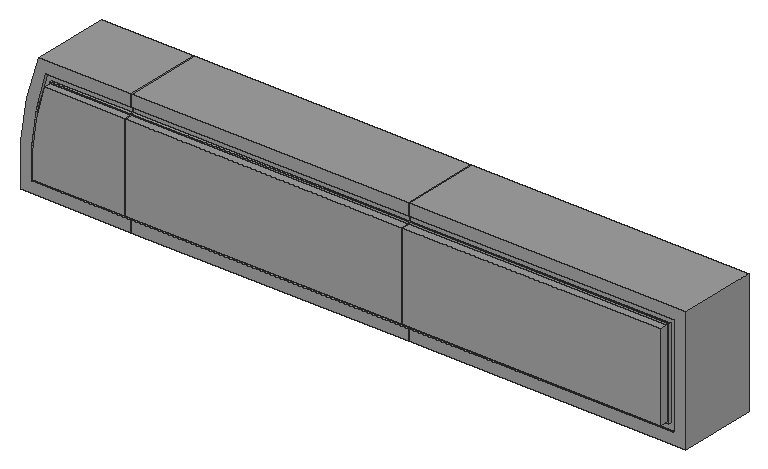
Revit family "56_WTH_UMR+uitbreidingsmodule D9350_e", category Mechanical Equipment, Revit 2012
Parameters
  lod_niveau = "LOD400"  # constant formula
  leverancier = "WTH Vloerverwarming B.V."  # constant formula
  len2 [instance] = if(aantal uitbreidingsunits < 2, 0.0 mm, (195.0 mm))  # 0.0 mm
  len1 [instance] = if(aantal uitbreidingsunits < 2, 195.0 mm, (aant * 195.0 mm))  # 195.0 mm
  datasheet = "http://www.wth.nl/CmsData/Producten/D9300/Programmeeroverzicht%20UMR.pdf"
  content_modified_date = "08-08-2013"  # constant formula
  content_creation_date = "01-01-2013"  # constant formula
  bestelnummer = "D9350"  # constant formula
  artikelnummer = "D9350"  # constant formula
  aantal uitbreidingsunits [instance] = 1
  aant [instance] = if(aantal uitbreidingsunits < 2, 2, aantal uitbreidingsunits)  # 2
  URL = "http://www.wth.nl/Items/nl-NL/Producten/assortiment/WTH-Comfort-UMR-+-Uitbreidingsmodule-D9350"
  Model = "Comfort UMR + uitbreidingsmodule D9350"
  Manufacturer = "WTH Vloerverwarming B.V."  # constant formula
  GTIN = ""
  GLN = ""
  Description = "UMR uitbreidings unit, in combinatie met D9300 basisunit"  # constant formula
  Content version = "1.0"  # constant formula
  Content Creator = "www.cadac.com/aec"
Reference planes
  plane 1 "Center (Front/Back)": y = 0
  plane 2: z = 0
  plane 3 "Center (Left/Right)": x = 0
  plane 4: x = 78
  plane 5: x = 273
  plane 6: x = 78
Dimensions and locks
  "len1": plane 5 to plane 4
  group 1 to group 2 = 0.0 mm  (x3)
  "len2": plane 4 to plane 6
  aligned and locked: level to plane 2
  aligned and locked: plane 4 to nested 3
  aligned and locked: plane 5 to nested 1
  aligned and locked: plane 6 to nested 4
Nested families
  nested 1: "00_CGA_UMR basismodule_e" at (273, 0, 0), type "00_CGA_UMR basismodule_e"
  nested 2: "00_CGA_UMR module 1_e" at (0, 0, 0), type "00_CGA_UMR module 1_e"
  nested 3: "00_CGA_UMR uitbreidingsmodule_e" at (78, 0, 0), type "00_CGA_UMR uitbreidingsmodule_e"
  nested 4: "00_CGA_UMR uitbreidingsmodule_e" at (78, 0, 0), type "00_CGA_UMR uitbreidingsmodule_e"
Definition of nested family "00_CGA_UMR basismodule_e"
  Reference planes
    plane 1 "Center (Front/Back)": y = 0
    plane 2: z = 0
    plane 3 "Center (Left/Right)": x = 0
    plane 4: z = 87
    plane 5: x = 195
    plane 6: y = -55
    plane 7: y = -60.5
  Forms (mm)
    Extrusion 1, solid, material "zz_128-128-128"
      sketch origin (0, 0, 0) x (1, 0, 0) y (0, 0, 1)
        loop
          line (0, 87) -> (0, 0) -> (195, 0) -> (195, 87) -> (0, 87)
      from 0 to 55
    Extrusion 2, solid, material "zz_128-128-128"
      sketch origin (0, -85, 0) x (1, 0, 0) y (0, 0, 1)
        loop
          line (0, 74) -> (0, 13) -> (182, 13) -> (182, 74) -> (0, 74)
      from -30 to -24.5
    Sweep 3, void
      path origin (0, -55, 0) x (1, 0, 0) y (0, 0, 1)
        loop
          line (-4.167, 77) -> (185, 77) -> (185, 10) -> (-4.167, 10)
      profile origin (90.416, -55, 77) x (0, 0, 1) y (0, -1, 0)
        loop
          line (2, -1.5) -> (2, 0) -> (-2, 0) -> (-2, -1.5) -> (2, -1.5)
  Cuts and joins
    Sweep 3 cuts Extrusion 1
    Sweep 3 cuts Extrusion 2
    joined: Extrusion 1, Extrusion 2
  Lines and regions (mm)
    model lines
      curve 1: line (22, -60.5, 52.5) -> (108.5, -60.5, 52.5)
      curve 2: line (22, -60.5, 34.5) -> (22, -60.5, 52.5)
      curve 3: line (108.5, -60.5, 34.5) -> (22, -60.5, 34.5)
      curve 4: line (108.5, -60.5, 52.5) -> (108.5, -60.5, 34.5)
      curve 5: line (118.5, -60.5, 48.5) -> (128.5, -60.5, 48.5)
      curve 6: line (118.5, -60.5, 38.5) -> (118.5, -60.5, 48.5)
      curve 7: line (128.5, -60.5, 38.5) -> (118.5, -60.5, 38.5)
      curve 8: line (128.5, -60.5, 48.5) -> (128.5, -60.5, 38.5)
      curve 9: line (131, -60.5, 48.5) -> (141, -60.5, 48.5)
      curve 10: line (131, -60.5, 38.5) -> (131, -60.5, 48.5)
      curve 11: line (141, -60.5, 38.5) -> (131, -60.5, 38.5)
      curve 12: line (141, -60.5, 48.5) -> (141, -60.5, 38.5)
      curve 13: line (143.5, -60.5, 48.5) -> (153.5, -60.5, 48.5)
      curve 14: line (143.5, -60.5, 38.5) -> (143.5, -60.5, 48.5)
      curve 15: line (153.5, -60.5, 38.5) -> (143.5, -60.5, 38.5)
      curve 16: line (153.5, -60.5, 48.5) -> (153.5, -60.5, 38.5)
      curve 17: line (131, -60.5, 61) -> (141, -60.5, 61)
      curve 18: line (131, -60.5, 51) -> (131, -60.5, 61)
      curve 19: line (141, -60.5, 51) -> (131, -60.5, 51)
      curve 20: line (141, -60.5, 61) -> (141, -60.5, 51)
      curve 21: line (131, -60.5, 36) -> (141, -60.5, 36)
      curve 22: line (131, -60.5, 26) -> (131, -60.5, 36)
      curve 23: line (141, -60.5, 26) -> (131, -60.5, 26)
      curve 24: line (141, -60.5, 36) -> (141, -60.5, 26)
      curve 25: line (121.732, -60.5, 43.5) -> (125.268, -60.5, 47.036)
      curve 26: line (121.732, -60.5, 43.5) -> (125.268, -60.5, 39.964)
      curve 27: line (150.268, -60.5, 43.5) -> (146.732, -60.5, 47.036)
      curve 28: line (150.268, -60.5, 43.5) -> (146.732, -60.5, 39.964)
      curve 29: line (136, -60.5, 29.232) -> (139.536, -60.5, 32.768)
      curve 30: line (136, -60.5, 29.232) -> (132.464, -60.5, 32.768)
      curve 31: line (136, -60.5, 57.768) -> (139.536, -60.5, 54.232)
      curve 32: line (136, -60.5, 57.768) -> (132.464, -60.5, 54.232)
  Dimensions and locks
    aligned and locked: level to plane 2
    aligned and locked: plane 5 to Extrusion 1
    aligned and locked: Extrusion 1 to plane 6
    aligned and locked: Extrusion 1 to plane 3 "Center (Left/Right)"
    aligned and locked: Extrusion 1 to plane 1 "Center (Front/Back)"
    aligned and locked: Extrusion 1 to plane 4
    aligned and locked: Extrusion 1 to plane 2
    aligned and locked: Extrusion 2 to plane 7
    aligned and locked: plane 6 to Extrusion 2
Definition of nested family "00_CGA_UMR module 1_e"
  Reference planes
    plane 1 "Center (Front/Back)": y = 0
    plane 2: z = 0
    plane 3 "Center (Left/Right)": x = 0
    plane 4: z = 87
    plane 5: x = 78
    plane 6: y = -55
    plane 7: y = -60.5
  Forms (mm)
    Extrusion 1, solid, material "zz_128-128-128"
      sketch origin (0, 0, 0) x (1, 0, 0) y (0, 0, 1)
        loop
          arc (13.159, 87) -> (4.288, 59.029) -> (0, 30) r 183.088
          line (0, 30) -> (0, 0) -> (78, 0) -> (78, 87) -> (13.159, 87)
      from 0 to 55
    Extrusion 2, solid, material "zz_128-128-128"
      sketch origin (0, 0, 0) x (1, 0, 0) y (0, 0, 1)
        loop
          arc (21.421, 74) -> (15.86, 52.259) -> (13, 30) r 183.088
          line (13, 30) -> (13, 13) -> (78, 13) -> (78, 74) -> (21.421, 74)
      from 55 to 60.5
    Sweep 3, void
      path origin (0, -55, 0) x (1, 0, 0) y (0, 0, 1)
        loop
          line (78, 77) -> (19.416, 77)
          arc (19.416, 77) -> (13.163, 53.809) -> (10, 30) r 183.088
          line (10, 30) -> (10, 10) -> (78, 10)
      profile origin (48.708, -55, 77) x (0, 0, -1) y (0, -1, 0)
        loop
          line (-2, -1.5) -> (2, -1.5) -> (2, 0) -> (-2, 0) -> (-2, -1.5)
  Cuts and joins
    Sweep 3 cuts Extrusion 1
    Sweep 3 cuts Extrusion 2
    joined: Extrusion 1, Extrusion 2
  Dimensions and locks
    aligned and locked: level to plane 2
    aligned and locked: plane 5 to Extrusion 1  (x2)
    aligned and locked: Extrusion 1 to plane 3 "Center (Left/Right)"
    aligned and locked: Extrusion 1 to plane 1 "Center (Front/Back)"
    aligned and locked: Extrusion 1 to plane 4
    aligned and locked: Extrusion 1 to plane 2
    aligned and locked: Extrusion 2 to plane 7
    aligned and locked: Extrusion 1 to plane 6
    aligned and locked: plane 6 to Extrusion 1
    aligned and locked: plane 5 to Extrusion 2
Definition of nested family "00_CGA_UMR uitbreidingsmodule_e"
  Reference planes
    plane 1 "Center (Front/Back)": y = 0
    plane 2: z = 0
    plane 3 "Center (Left/Right)": x = 0
    plane 4: z = 87
    plane 5: x = 195
    plane 6: y = -55
    plane 7: y = -60.5
  Forms (mm)
    Extrusion 1, solid, material "zz_128-128-128"
      sketch origin (0, 0, 0) x (1, 0, 0) y (0, 0, 1)
        loop
          line (0, 87) -> (0, 0) -> (195, 0) -> (195, 87) -> (0, 87)
      from 0 to 55
    Extrusion 2, solid, material "zz_128-128-128"
      sketch origin (0, -55, 0) x (1, 0, 0) y (0, 0, 1)
        loop
          line (0, 74) -> (0, 13) -> (195, 13) -> (195, 74) -> (0, 74)
      from 0 to 5.5
    Sweep 3, void
      path origin (0, -55, 0) x (1, 0, 0) y (0, 0, 1)
        loop
          line (0, 77) -> (195, 77)
      profile origin (97.5, -55, 77) x (0, 0, 1) y (0, -1, 0)
        loop
          line (2, -1.5) -> (2, 0) -> (-2, 0) -> (-2, -1.5) -> (2, -1.5)
    Sweep 4, void
      path origin (0, -55, 87) x (1, 0, 0) y (0, 0, 1)
        loop
          line (0, -77) -> (195, -77)
      profile origin (97.5, -55, 10) x (0, 0, 1) y (0, -1, 0)
        loop
          line (-2, -1.5) -> (2, -1.5) -> (2, 0) -> (-2, 0) -> (-2, -1.5)
  Cuts and joins
    Sweep 3, Sweep 4 cuts Extrusion 1
    Sweep 3, Sweep 4 cuts Extrusion 2
    joined: Extrusion 1, Extrusion 2
  Dimensions and locks
    aligned and locked: level to plane 2
    aligned and locked: Extrusion 1 to plane 6
    aligned and locked: plane 5 to Extrusion 1
    aligned and locked: Extrusion 1 to plane 3 "Center (Left/Right)"
    aligned and locked: Extrusion 1 to plane 1 "Center (Front/Back)"
    aligned and locked: Extrusion 1 to plane 4
    aligned and locked: Extrusion 1 to plane 2
    aligned and locked: Extrusion 2 to plane 7
